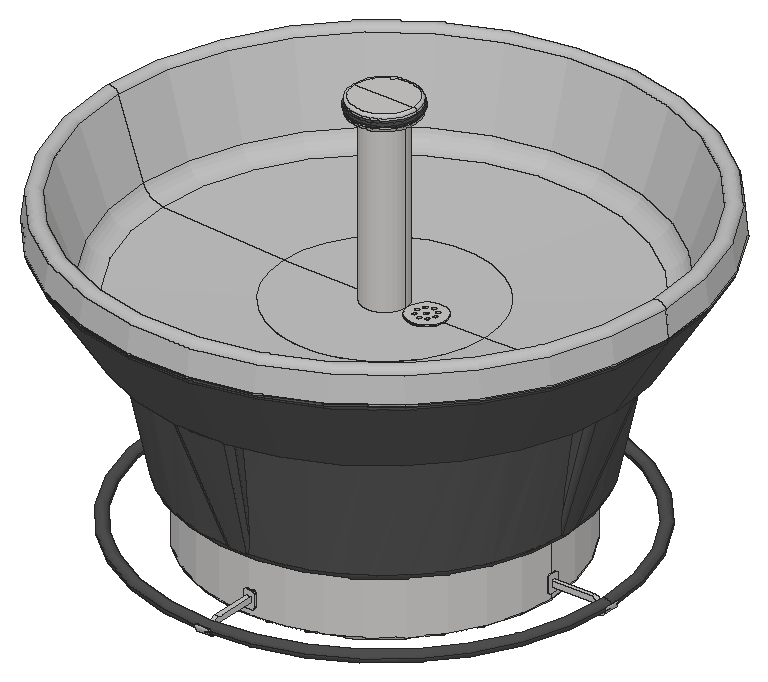
Revit family "Washfountain_Lavatory-Bradley_Corp-WF2808-Type_H_Drain", category Plumbing Fixtures, Revit 2012
Parameters
  Width = 54.000"
  Warranty Information = ""
  WFU = 0
  Voltage = 110 V
  Version = "2.0"
  Vent Radius = Vent / 2  # 3/4"
  Vent = 1 1/2"
  URL = "http://www.bradleycorp.com/"
  Towel Dispenser Holder [instance] = if((Soap Dispenser), 6.000", 15.000")  # 15.000"
  Towel Dispenser Height [instance] = if((Sensor Module), 55.750", 52.250")  # 52.250"
  TouchTime® Control [instance] = no
  Technical Data = ""
  Vent Height [instance] = if(and(Sensor Module, Soap Dispenser, Towel Dispenser), 72.063", if(and(Sensor Module, Soap Dispenser, No Towel Dispenser), 49.750", if(and(Sensor Module, No Soap Dispenser, No Towel Dispenser), 40.750", if(and(Sensor Module, No Soap Dispenser, Towel Dispenser), 72.063", if(and(No Sensor Module, No Soap Dispenser, No Towel Dispenser), 37.250", if(and(No Sensor Module, No Soap Dispenser, Towel Dispenser), 68.563", if(and(No Sensor Module, Soap Dispenser, Towel Dispenser), 68.563", 46.250")))))))  # 37.250"
  Spray Head Height = 37.250"
  Specifications URL = "http://www.bradleycorp.com/3partspec"
  Soap Dispenser Holder [instance] = 3.000"  # constant formula
  Soap Dispenser Height [instance] = if((Sensor Module), 49.750", 46.250")  # 46.250"
  Sensor Module Height = 40.750"
  Sensor Module [instance] = or(not(Foot Control Valve), TouchTime® Control, Air Valve Hand Control, Adaptive Infrared Activation Control)  # no
  Rim Height = 29.000"
  Product Tech Data URL - Spanish = ""
  Product Tech Data URL - French = ""
  Product Tech Data URL - English = "http://bradleycorp.com/download/1241/2015.pdf"
  Pedestal Material = Plastic - Bradley Corp - Black
  Pedestal Height = 26.000"
  Operating Water Pressure Range = "20 - 80 PSI"
  OmniClass Table 23 Title = "Sinks/Lavatories"
  OmniClass Table 23 Number = "23-31 13 00"
  OmniClass Table 21 Title = "Plumbing Fixtures"
  OmniClass Table 21 Number = "21-04 20 10 60"
  No Towel Dispenser [instance] = not(Towel Dispenser)  # yes
  No Soap Dispenser [instance] = not(Soap Dispenser)  # yes
  No Sensor Module [instance] = not(Sensor Module)  # yes
  Modeling Code = ""
  Model = "WF2808"
  Material Note = "Other Terrazzo colors available - See www.bradleycorp.com "
  MasterFormat Title = "Commercial Lavatories and Sinks"
  MasterFormat Number = "22 42 16"
  Manufacturer = "Bradley Corp"
  Industry Standards = "ANSI Z124.3, Z124.6 and ANSI/ICPA SS-1-2001"
  Hot Lavatory Inlet Radius = Hot Lavatory Inlet / 2  # 1/2"
  Hot Lavatory Inlet = 1"
  HWFU = 0
  Frequency = 50 Hz
  Foot Control Valve [instance] = not(or(TouchTime® Control, Air Valve Hand Control, Adaptive Infrared Activation Control))  # yes
  Flow Rate = 5.0 GPM
  Fire Rating = "n/a"
  Drain Radius = Drain / 2  # 1"
  Drain = 2"
  Description = "Washfountain, 54\" Circular with 9\" Deep Bowl"
  Copyright = "This Model Data is Property of Bradley Corporation"
  Cold Lavatory Inlet Radius = Cold Lavatory Inlet / 2  # 1/2"
  Cold Lavatory Inlet = 1"
  CWFU = 0
  Buy American Act = "No"
  Button Visibility [instance] = or(TouchTime® Control, Air Valve Hand Control)  # no
  Bowl Material [instance] = Stone - Bradley Corp - Carbon
  Assembly Code = "D2010300"
  Air Valve Hand Control [instance] = no
  Adaptive Infrared Activation Control [instance] = no
  ADA Compliant = "Yes"
  Soap Dispenser [instance] = no
  Towel Dispenser [instance] = no
Reference planes (in)
  plane 1 "Center (Front/Back)": y = 0
  plane 2: z = 0
  plane 3 "Center (Left/Right)": x = 0
  plane 4 "Left": x = -27
  plane 5 "Right": x = 27
  plane 6 "Front": y = -27
  plane 7 "Back": y = 27
  plane 8 "Towel Dispenser": z = 52.25
  plane 9 "Soap Dispenser": z = 46.25
  plane 10 "Sensor Module": z = 40.75
  plane 11 "Spray Head": z = 37.25
  plane 12 "Rim Height": z = 29
  plane 13: z = 40.25
  plane 14 "Pedestal Height": z = 26
Forms (in)
  Revolve 1, solid, material "Stone - Bradley Corp - Carbon" <- "Bowl Material", detail levels medium+fine
    sketch origin (-3, 0, 29) x (1, 0, 0) y (0, 0, 1)
      loop
        line (-19.00041, -10.88) -> (1, -10.88) -> (1, -8.99998) -> (-6.5, -8.99998) -> (-18.04504, -8.54806)
        arc (-18.04504, -8.54806) -> (-19.17262, -8.16768) -> (-19.88451, -7.2141) r 2
        line (-19.88451, -7.2141) -> (-22.2559, -0.49353)
        arc (-22.2559, -0.49353) -> (-23.0061, 0) -> (-23.6919, -0.5797) r 0.75
        line (-23.6919, -0.5797) -> (-24, -2.8881)
        arc (-24, -2.8881) -> (-23.97669, -2.96533) -> (-23.90322, -2.99865) r 0.09764
        line (-23.90322, -2.99865) -> (-23.7906, -2.99865) -> (-23.84579, -3.22848)
        arc (-23.84579, -3.22848) -> (-23.84847, -3.32773) -> (-23.81229, -3.42019) r 0.24994
        line (-23.81229, -3.42019) -> (-19.00041, -10.88)
      axis (3, -0.49353) -> (3, -10.88)
    angle from 0 to 360
  Revolve 2, solid, material "Stone - Bradley Corp - Carbon" <- "Bowl Material", detail levels coarse
    sketch origin (-3, 0, 29) x (1, 0, 0) y (0, 0, 1)
      loop
        line (-24, 0) -> (-24, -3) -> (-23.50943, -3) -> (-19.08564, -10.88) -> (1, -10.88) -> (1, -8.85798) -> (-6.5, -8.85798) -> (-19.43127, -8.4938) -> (-22.43959, 0) -> (-24, 0)
      axis (3, 0) -> (3, -10.88)
    angle from 0 to 360
  Revolve 3, solid, material "Metal - Bradley Corp - Stainless Steel - Polished", detail levels fine
    sketch origin (-3, 0, 37.25) x (1, 0, 0) y (0, 0, 1)
      loop
        arc (0.215, 0.00002) -> (0.03822, -0.0732) -> (-0.035, -0.24998) r 0.25
        line (-0.035, -0.24998) -> (-0.035, -0.44498)
        arc (-0.035, -0.44498) -> (-0.10129, -0.47244) -> (-0.12875, -0.53873) r 0.09375
        line (-0.12875, -0.53873) -> (-0.12875, -0.85123)
        arc (-0.12875, -0.85123) -> (-0.10129, -0.91752) -> (-0.035, -0.94498) r 0.09375
        line (-0.035, -0.94498) -> (-0.035, -1.13998)
        arc (-0.035, -1.13998) -> (0.03822, -1.31676) -> (0.215, -1.38998) r 0.25
        line (0.215, -1.38998) -> (1, -1.38998) -> (1, -18.991) -> (3, -18.991) -> (3, 0.00002) -> (0.215, 0.00002)
      axis (3, 0.00002) -> (3, -18.991)
    angle from 0 to 360
  Revolve 4, solid, material "Metal - Bradley Corp - Stainless Steel - Polished", detail levels coarse+medium
    sketch origin (-3, 0, 37.25) x (1, 0, 0) y (0, 0, 1)
      loop
        line (3, 0) -> (0.21498, 0) -> (-0.12875, -0.44498) -> (-0.12875, -0.94498) -> (0.215, -1.38998) -> (1, -1.38998) -> (1, -18.991) -> (3, -18.991) -> (3, 0)
      axis (3, 0) -> (3, -18.991)
    angle from 0 to 360
  Revolve 5, solid, material "Metal - Bradley Corp - Stainless Steel - Polished", visible <- "Soap Dispenser", detail levels fine
    sketch origin (-3, 0, 46.25) x (1, 0, 0) y (0, 0, 1)
      loop
        arc (-1.17907, 0) -> (-2.18101, -0.11803) -> (-3.1566, -0.375) r 7.19764
        line (-3.1566, -0.375) -> (-3.1566, -1) -> (-3.01376, -1) -> (-3.01376, -1.64327) -> (-2.98301, -1.64327) -> (-2.98301, -2.89327) -> (-2.93039, -2.89327) -> (-2.93039, -4.14327) -> (-2.87777, -4.14327) -> (-2.87777, -5.39327) -> (-2.81, -5.39327) -> (-2.81, -6) -> (3, -6) -> (3, 0) -> (-1.17907, 0)
      axis (3, 0) -> (3, -6)
    angle from 0 to 360
  Revolve 6, solid, material "Metal - Bradley Corp - Stainless Steel - Polished", visible <- "Soap Dispenser", detail levels coarse+medium
    sketch origin (-3, 0, 46.25) x (1, 0, 0) y (0, 0, 1)
      loop
        line (3, -1) -> (-3.1566, -1) -> (-2.81, -6) -> (3, -6) -> (3, -1)
      axis (3, -1) -> (3, -6)
    angle from 0 to 360
  Revolve 7, solid, material "Metal - Bradley Corp - Stainless Steel - Polished", visible <- "Sensor Module", detail levels fine
    sketch origin (-3, 0, 40.75) x (1, 0, 0) y (0, 0, 1)
      loop
        line (-1.49987, -0.56541) -> (-1.49987, -1.98683)
        arc (-1.49987, -1.98683) -> (-1.48063, -2.08301) -> (-1.42587, -2.16439) r 0.25
        line (-1.42587, -2.16439) -> (-0.82309, -2.76716)
        arc (-0.82309, -2.76716) -> (-0.74199, -2.82135) -> (-0.64632, -2.84038) r 0.25
        line (-0.64632, -2.84038) -> (1, -2.84038) -> (1, -3.5) -> (3, -3.5) -> (3, 0) -> (0.89718, 0)
        arc (0.89718, 0) -> (-0.28099, -0.0858) -> (-1.45612, -0.2063) r 40.06
        arc (-1.45612, -0.2063) -> (-1.54124, -0.251) -> (-1.57537, -0.34072) r 0.135
        line (-1.57537, -0.34072) -> (-1.57537, -0.56541) -> (-1.49987, -0.56541)
      axis (3, 0) -> (3, -3.5)
    angle from 0 to 360
  Revolve 8, solid, material "Metal - Bradley Corp - Stainless Steel - Polished", visible <- "Sensor Module", detail levels coarse+medium
    sketch origin (-3, 0, 40.75) x (1, 0, 0) y (0, 0, 1)
      loop
        line (-1.57537, -2.01488) -> (-0.75025, -2.84) -> (1, -2.84) -> (1, -3.5) -> (3, -3.5) -> (3, 0) -> (-1.57537, 0) -> (-1.57537, -2.01488)
      axis (3, 0) -> (3, -3.5)
    angle from 0 to 360
  Extrusion 9, solid, material "Metal - Bradley Corp - Stainless Steel - Polished", visible <- "Towel Dispenser"
    sketch origin (-5.60167, 3.20696, 52.25) x (0, 0, 1) y (0, 1, 0)
      loop
        line (0, 0) -> (15.313, 0) -> (14.62567, 4) -> (1.37502, 4) -> (0, 1.75) -> (0, 0)
    from -0.10167 to -11.10192
  Extrusion 10, solid, material "Metal - Bradley Corp - Stainless Steel - Polished", visible <- "Towel Dispenser"
    sketch origin (-0.06259, -6.38699, 52.25) x (0, 0, 1) y (-0.866025, -0.5, 0)
      loop
        line (0, 0) -> (15.313, 0) -> (14.62567, 4) -> (1.37502, 4) -> (0, 1.75) -> (0, 0)
    from 0 to -11
  Extrusion 11, solid, material "Metal - Bradley Corp - Stainless Steel - Polished", visible <- "Towel Dispenser"
    sketch origin (5.61356, 3.22741, 55.75) x (0, 0, 1) y (0.866038, -0.499977, 0)
      loop
        line (-3.5, 0) -> (11.813, 0) -> (11.12567, 4) -> (-2.12498, 4) -> (-3.5, 1.75) -> (-3.5, 0)
    from -0.10167 to -11.10192
  Extrusion 12, solid, material "Metal - Bradley Corp - Stainless Steel - Polished", visible <- "Towel Dispenser"
    sketch origin (0, 0, 52.25) x (-1, 0, 0) y (0, -1, 0)
      loop
        circle (0, 0) r 2
    from -15 to 16.313
  Extrusion 13, solid, material "Metal - Bradley Corp - Stainless Steel - Polished", visible <- "Soap Dispenser"
    sketch origin (0, 0, 46.25) x (-1, 0, 0) y (0, -1, 0)
      loop
        circle (0, 0) r 2
    from -6 to -9
  Extrusion 14, solid, material "Metal - Bradley Corp - Stainless Steel - Polished", visible <- "Towel Dispenser"
    sketch origin (0, 0, 52.25) x (-1, 0, 0) y (0, -1, 0)
      loop
        line (5.5, -3.20696) -> (5.56259, -3.13929) -> (0.06259, 6.38699) -> (-0.06295, 6.3871) -> (-5.56269, -3.13929) -> (-5.50026, -3.20696) -> (5.5, -3.20696)
      loop
        circle (0, 0) r 2
    from 14.62567 to 14.12567
  Extrusion 15, solid, material "Metal - Bradley Corp - Stainless Steel - Polished", visible <- "Towel Dispenser"
    sketch origin (0, 0, 52.25) x (-1, 0, 0) y (0, -1, 0)
      loop
        line (5.56259, -3.13929) -> (0.06259, 6.38699) -> (-0.06295, 6.3871) -> (-5.56269, -3.13929) -> (-5.50026, -3.20696) -> (5.5, -3.20696) -> (5.56259, -3.13929)
      loop
        circle (0, 0) r 2
    from 1.0786 to 1.5786
  Sweep 16, solid, material "Plastic - Bradley Corp - Black", visible <- "Foot Control Valve"
    path in 3D
      loop
        arc (-21, 0, 0) -> (0, -21, 0) -> (21, 0, 0) r 21
        arc (21, 0, 0) -> (0, 21, 0) -> (-21, 0, 0) r 21
    profile origin (0, 21, 0) x (0, -1, 0) y (0, 0, 1)
      loop
        circle (0, 1.425) r 0.5
  Extrusion 17, solid, material "Metal - Bradley Corp - Stainless Steel - Satin", visible <- "Foot Control Valve"
    sketch origin (0, 0, 0) x (1, 0, 0) y (0, 0, 1)
      loop
        arc (-21.48307, 1.55388) -> (-21.51847, 1.61509) -> (-21.57968, 1.57969) r 0.05
        arc (-21.57968, 1.57969) -> (-21.01372, 0.82503) -> (-20.41385, 1.55302) r 0.6
        arc (-20.41385, 1.55302) -> (-20.47337, 1.59119) -> (-20.51154, 1.53166) r 0.05
        arc (-20.51154, 1.53166) -> (-21.01143, 0.925) -> (-21.48307, 1.55388) r 0.5
      loop
        arc (21.48307, 1.55388) -> (21.01143, 0.925) -> (20.51154, 1.53166) r 0.5
        arc (20.51154, 1.53166) -> (20.47337, 1.59119) -> (20.41385, 1.55302) r 0.05
        arc (20.41385, 1.55302) -> (21.01372, 0.82503) -> (21.57968, 1.57969) r 0.6
        arc (21.57968, 1.57969) -> (21.51847, 1.61509) -> (21.48307, 1.55388) r 0.05
    from -0.67 to 0.67
  Extrusion 18, solid, material "Metal - Bradley Corp - Stainless Steel - Satin", visible <- "Foot Control Valve"
    sketch origin (0, 0, 0) x (0, 1, 0) y (0, 0, 1)
      loop
        arc (21.48307, 1.55401) -> (21.01143, 0.92513) -> (20.51154, 1.53179) r 0.5
        arc (20.51154, 1.53179) -> (20.47337, 1.59132) -> (20.41385, 1.55315) r 0.05
        arc (20.41385, 1.55315) -> (21.01372, 0.82516) -> (21.57968, 1.57982) r 0.6
        arc (21.57968, 1.57982) -> (21.51847, 1.61522) -> (21.48307, 1.55401) r 0.05
      loop
        arc (-21.48307, 1.55401) -> (-21.51847, 1.61522) -> (-21.57968, 1.57982) r 0.05
        arc (-21.57968, 1.57982) -> (-21.01372, 0.82516) -> (-20.41385, 1.55315) r 0.6
        arc (-20.41385, 1.55315) -> (-20.47337, 1.59132) -> (-20.51154, 1.53179) r 0.05
        arc (-20.51154, 1.53179) -> (-21.01143, 0.92513) -> (-21.48307, 1.55401) r 0.5
    from -0.67 to 0.67
  Extrusion 19, solid, material "Metal - Bradley Corp - Stainless Steel - Satin", visible <- "Foot Control Valve"
    sketch origin (0, 0, 0) x (1, 0, 0) y (0, 0, 1)
      loop
        line (-16.0446, 1.26725) -> (-16.0446, 1.76725) -> (-19.80661, 1.76725)
        arc (-19.80661, 1.76725) -> (-20.14911, 1.67556) -> (-20.4, 1.42503) r 0.68556
        arc (-20.4, 1.42503) -> (-20.57574, 1.00076) -> (-21, 0.82503) r 0.6
        arc (-21, 0.82503) -> (-20.42367, 0.87326) -> (-19.94786, 1.20202) r 1.12245
        arc (-19.94786, 1.20202) -> (-19.8844, 1.25015) -> (-19.80661, 1.26725) r 0.18556
        line (-19.80661, 1.26725) -> (-16.0446, 1.26725)
      loop
        line (16.04456, 1.26725) -> (19.80661, 1.26725)
        arc (19.80661, 1.26725) -> (19.8844, 1.25015) -> (19.94786, 1.20202) r 0.18556
        arc (19.94786, 1.20202) -> (20.42367, 0.87326) -> (21, 0.82503) r 1.12245
        arc (21, 0.82503) -> (20.57574, 1.00076) -> (20.4, 1.42503) r 0.6
        arc (20.4, 1.42503) -> (20.14911, 1.67556) -> (19.80661, 1.76725) r 0.68556
        line (19.80661, 1.76725) -> (16.04456, 1.76725) -> (16.04456, 1.26725)
    from -0.2 to 0.2
  Extrusion 20, solid, material "Metal - Bradley Corp - Stainless Steel - Satin", visible <- "Foot Control Valve"
    sketch origin (0, 0, 0) x (0, 1, 0) y (0, 0, 1)
      loop
        line (16.04286, 1.27219) -> (19.80754, 1.27219)
        arc (19.80754, 1.27219) -> (19.88533, 1.25509) -> (19.94879, 1.20696) r 0.18556
        arc (19.94879, 1.20696) -> (20.4246, 0.8782) -> (21.00093, 0.82997) r 1.12245
        arc (21.00093, 0.82997) -> (20.57666, 1.0057) -> (20.40093, 1.42997) r 0.6
        arc (20.40093, 1.42997) -> (20.15004, 1.6805) -> (19.80754, 1.77219) r 0.68556
        line (19.80754, 1.77219) -> (16.04286, 1.77219) -> (16.04286, 1.27219)
      loop
        line (-16.04458, 1.27219) -> (-16.04458, 1.77219) -> (-19.80754, 1.77219)
        arc (-19.80754, 1.77219) -> (-20.15004, 1.6805) -> (-20.40093, 1.42997) r 0.68556
        arc (-20.40093, 1.42997) -> (-20.57666, 1.0057) -> (-21.00093, 0.82997) r 0.6
        arc (-21.00093, 0.82997) -> (-20.4246, 0.8782) -> (-19.94879, 1.20696) r 1.12245
        arc (-19.94879, 1.20696) -> (-19.88533, 1.25509) -> (-19.80754, 1.27219) r 0.18556
        line (-19.80754, 1.27219) -> (-16.04458, 1.27219)
    from -0.19588 to 0.2
  Extrusion 21, solid, material "Metal - Bradley Corp - Stainless Steel - Satin", visible <- "Foot Control Valve"
    sketch origin (0, 0, 0) x (0, 1, 0) y (0, 0, 1)
      loop
        line (0.25501, 2.33461) -> (-0.24499, 2.33461)
        arc (-0.24499, 2.33461) -> (-0.42177, 2.26139) -> (-0.49499, 2.08461) r 0.25
        line (-0.49499, 2.08461) -> (-0.49499, 0.95961)
        arc (-0.49499, 0.95961) -> (-0.42177, 0.78284) -> (-0.24499, 0.70961) r 0.25
        line (-0.24499, 0.70961) -> (0.25501, 0.70961)
        arc (0.25501, 0.70961) -> (0.43178, 0.78284) -> (0.50501, 0.95961) r 0.25
        line (0.50501, 0.95961) -> (0.50501, 2.08461)
        arc (0.50501, 2.08461) -> (0.43178, 2.26139) -> (0.25501, 2.33461) r 0.25
      loop
        line (0.24214, 1.22802) -> (0.24214, 1.81621) -> (-0.23845, 1.81621) -> (-0.23845, 1.22802) -> (0.24214, 1.22802)
    from -16.0446 to -15.8946
  Extrusion 22, solid, material "Metal - Bradley Corp - Stainless Steel - Satin", visible <- "Foot Control Valve"
    sketch origin (0, 0, 0) x (0, 1, 0) y (0, 0, 1)
      loop
        arc (-0.25501, 2.33461) -> (-0.43178, 2.26139) -> (-0.50501, 2.08461) r 0.25
        line (-0.50501, 2.08461) -> (-0.50501, 0.95961)
        arc (-0.50501, 0.95961) -> (-0.43178, 0.78284) -> (-0.25501, 0.70961) r 0.25
        line (-0.25501, 0.70961) -> (0.24499, 0.70961)
        arc (0.24499, 0.70961) -> (0.42177, 0.78284) -> (0.49499, 0.95961) r 0.25
        line (0.49499, 0.95961) -> (0.49499, 2.08461)
        arc (0.49499, 2.08461) -> (0.42177, 2.26139) -> (0.24499, 2.33461) r 0.25
        line (0.24499, 2.33461) -> (-0.25501, 2.33461)
      loop
        line (-0.24214, 1.22802) -> (0.23845, 1.22802) -> (0.23845, 1.81621) -> (-0.24214, 1.81621) -> (-0.24214, 1.22802)
    from 15.89284 to 16.04456
  Extrusion 23, solid, material "Metal - Bradley Corp - Stainless Steel - Satin", visible <- "Foot Control Valve"
    sketch origin (0, 0, 0) x (1, 0, 0) y (0, 0, 1)
      loop
        arc (-0.25501, 2.33461) -> (-0.43178, 2.26139) -> (-0.50501, 2.08461) r 0.25
        line (-0.50501, 2.08461) -> (-0.50501, 0.95961)
        arc (-0.50501, 0.95961) -> (-0.43178, 0.78284) -> (-0.25501, 0.70961) r 0.25
        line (-0.25501, 0.70961) -> (0.24499, 0.70961)
        arc (0.24499, 0.70961) -> (0.42177, 0.78284) -> (0.49499, 0.95961) r 0.25
        line (0.49499, 0.95961) -> (0.49499, 2.08461)
        arc (0.49499, 2.08461) -> (0.42177, 2.26139) -> (0.24499, 2.33461) r 0.25
        line (0.24499, 2.33461) -> (-0.25501, 2.33461)
      loop
        line (-0.24214, 1.22802) -> (0.23845, 1.22802) -> (0.23845, 1.81621) -> (-0.24214, 1.81621) -> (-0.24214, 1.22802)
    from -16.04286 to -15.89458
  Extrusion 24, solid, material "Metal - Bradley Corp - Stainless Steel - Satin", visible <- "Foot Control Valve"
    sketch origin (0, 0, 0) x (1, 0, 0) y (0, 0, 1)
      loop
        line (0.25501, 2.33461) -> (-0.24499, 2.33461)
        arc (-0.24499, 2.33461) -> (-0.42177, 2.26139) -> (-0.49499, 2.08461) r 0.25
        line (-0.49499, 2.08461) -> (-0.49499, 0.95961)
        arc (-0.49499, 0.95961) -> (-0.42177, 0.78284) -> (-0.24499, 0.70961) r 0.25
        line (-0.24499, 0.70961) -> (0.25501, 0.70961)
        arc (0.25501, 0.70961) -> (0.43178, 0.78284) -> (0.50501, 0.95961) r 0.25
        line (0.50501, 0.95961) -> (0.50501, 2.08461)
        arc (0.50501, 2.08461) -> (0.43178, 2.26139) -> (0.25501, 2.33461) r 0.25
      loop
        line (0.24214, 1.22802) -> (0.24214, 1.81621) -> (-0.23845, 1.81621) -> (-0.23845, 1.22802) -> (0.24214, 1.22802)
    from 15.89458 to 16.04458
  Extrusion 25, void
    sketch origin (0, 0, 18.12) x (-1, 0, 0) y (0, -1, 0)
      loop
        circle (-4, 0) r 1.75
    from 0 to 10.88
  Extrusion 26, solid, material "Metal - Bradley Corp - Stainless Steel - Polished", detail levels medium+fine
    sketch origin (0, 0, 18.12) x (-1, 0, 0) y (0, -1, 0)
      loop
        circle (-4, 0) r 1.75
      loop
        circle (-4, 0) r 0.1842
      loop
        circle (-4, -0.87771) r 0.1842
      loop
        circle (-3.12229, 0) r 0.1842
      loop
        circle (-4, 0.87771) r 0.1842
      loop
        circle (-4.87771, 0) r 0.1842
      loop
        circle (-4.62063, -0.62063) r 0.1842
      loop
        circle (-3.37937, -0.62063) r 0.1842
      loop
        circle (-3.37937, 0.62063) r 0.1842
      loop
        circle (-4.62063, 0.62063) r 0.1842
    from 1.97531 to 2.02202
  Extrusion 27, solid, material "Default", not visible, detail levels medium+fine
    sketch origin (0, 0, 0) x (1, 0, 0) y (0, 1, 0)
      loop
        circle (-4, 0) r 1
      loop
        line (1, 5.5) -> (-1, 5.5) -> (-1, 4.5) -> (1, 4.5) -> (1, 5.5)
    from 0 to 3
  SweptBlend 28, solid, material "Plastic - Bradley Corp - Black" <- "Pedestal Material", detail levels medium+fine
    path in 3D
      loop
        line (-17.47033, -0.07207, 6.24986) -> (-22.00672, -0.07207, 18.12)
    profile origin (-17.47033, -0.07207, 6.24986) x (0, 1, 0) y (-0.934109, 0, -0.356987)
      loop
        arc (1.10677, -0.31109) -> (1.01994, -0.10145) -> (0.8103, -0.01461) r 0.29648
        arc (0.8103, -0.01461) -> (0, 0.02141) -> (-0.8103, -0.01461) r 9.13062
        arc (-0.8103, -0.01461) -> (-1.01994, -0.10145) -> (-1.10677, -0.31109) r 0.29648
        line (-1.10677, -0.31109) -> (-1.10677, -2.07277) -> (1.10677, -2.07277) -> (1.10677, -0.31109)
    end profile origin (-22.00672, -0.07207, 18.12) x (0, 1, 0) y (-0.934109, 0, -0.356987)
      loop
        spline (2.38834, -0.11493) -> (2.00339, -0.08006) -> (1.61784, -0.05152) -> (1.23182, -0.02931) -> (0.84544, -0.01344) -> (0.45881, -0.00392) -> (0.07207, -0.00074) -> (-0.31467, -0.00392) -> (-0.70129, -0.01344) -> (-1.08767, -0.02931) -> (-1.4737, -0.05152) -> (-1.85924, -0.08006) -> (-2.24419, -0.11493)
        arc (-2.24419, -0.11493) -> (-2.58078, -0.31531) -> (-2.71312, -0.684) r 0.57976
        line (-2.71312, -0.684) -> (-2.20765, -2.07277) -> (2.35179, -2.07277) -> (2.85726, -0.684)
        arc (2.85726, -0.684) -> (2.72493, -0.31531) -> (2.38834, -0.11493) r 0.57976
  Revolve 29, solid, material "Plastic - Bradley Corp - Black" <- "Pedestal Material", detail levels medium+fine
    sketch origin (0, 0, 0) x (1, 0, 0) y (0, 0, 1)
      loop
        arc (-17.49891, 6.32544) -> (-17.17129, 5.84995) -> (-16.62363, 5.66694) r 0.91095
        line (-16.62363, 5.66694) -> (0, 5.66694) -> (0, 18.12) -> (-20.00592, 18.12) -> (-17.49891, 6.32544)
      axis (0, 18.12) -> (0, 5.66694)
    angle from 0 to 360
  SweptBlend 30, solid, material "Plastic - Bradley Corp - Black" <- "Pedestal Material", detail levels medium+fine
    path in 3D
      loop
        line (0.07207, -17.47033, 6.24986) -> (0.07207, -22.00672, 18.12)
    profile origin (0.07207, -17.47033, 6.24986) x (-0.135177, 0.925536, 0.35371) y (-0.990822, -0.12627, -0.048256)
      loop
        arc (0.45784, 1.05456) -> (0.23839, 0.99686) -> (0.12401, 0.80089) r 0.29648
        arc (0.12401, 0.80089) -> (-0.02122, 0.00289) -> (-0.09506, -0.80484) r 9.13062
        arc (-0.09506, -0.80484) -> (-0.03736, -1.02429) -> (0.15862, -1.13867) r 0.29648
        line (0.15862, -1.13867) -> (1.90413, -1.3768) -> (2.20335, 0.81642) -> (0.45784, 1.05456)
    end profile origin (0.07207, -22.00672, 18.12) x (-0.135177, 0.925536, 0.35371) y (-0.990822, -0.12627, -0.048256)
      loop
        spline (0.43672, 2.35088) -> (0.35014, 1.97418) -> (0.26974, 1.59603) -> (0.19555, 1.21655) -> (0.1276, 0.83586) -> (0.0659, 0.45407) -> (0.01048, 0.07131) -> (-0.03866, -0.31231) -> (-0.08148, -0.69667) -> (-0.11799, -1.08165) -> (-0.14817, -1.46713) -> (-0.172, -1.853) -> (-0.18949, -2.23913)
        arc (-0.18949, -2.23913) -> (-0.03645, -2.59972) -> (0.31097, -2.78068) r 0.57976
        line (0.31097, -2.78068) -> (1.75532, -2.46757) -> (2.37165, 2.05002) -> (1.06395, 2.73858)
        arc (1.06395, 2.73858) -> (0.68076, 2.6573) -> (0.43672, 2.35088) r 0.57976
  SweptBlend 31, solid, material "Plastic - Bradley Corp - Black" <- "Pedestal Material", detail levels medium+fine
    path in 3D
      loop
        line (17.47033, 0.07207, 6.24986) -> (22.00672, 0.07207, 18.12)
    profile origin (17.47033, 0.07207, 6.24986) x (-0.12862, 0.990475, 0.049154) y (-0.925212, -0.137692, 0.353587)
      loop
        arc (-1.0534, 0.46052) -> (-0.99625, 0.24092) -> (-0.80057, 0.12604) r 0.29648
        arc (-0.80057, 0.12604) -> (-0.00295, -0.02121) -> (0.80459, -0.0971) r 9.13062
        arc (0.80459, -0.0971) -> (1.02419, -0.03996) -> (1.13907, 0.15573) r 0.29648
        line (1.13907, 0.15573) -> (1.38164, 1.90063) -> (-0.81083, 2.20542) -> (-1.0534, 0.46052)
    end profile origin (22.00672, 0.07207, 18.12) x (-0.12862, 0.990475, 0.049154) y (-0.925212, -0.137692, 0.353587)
      loop
        spline (-2.34977, 0.44269) -> (-1.97328, 0.35515) -> (-1.59534, 0.27379) -> (-1.21605, 0.19864) -> (-0.83553, 0.12972) -> (-0.4539, 0.06705) -> (-0.07128, 0.01066) -> (0.31221, -0.03945) -> (0.69646, -0.08325) -> (1.08135, -0.12074) -> (1.46675, -0.15189) -> (1.85256, -0.17671) -> (2.23864, -0.19518)
        arc (2.23864, -0.19518) -> (2.59962, -0.04305) -> (2.78146, 0.30391) r 0.57976
        line (2.78146, 0.30391) -> (2.47202, 1.74905) -> (-2.04399, 2.37685) -> (-2.73587, 1.0709)
        arc (-2.73587, 1.0709) -> (-2.65556, 0.6875) -> (-2.34977, 0.44269) r 0.57976
  SweptBlend 32, solid, material "Plastic - Bradley Corp - Black" <- "Pedestal Material", detail levels medium+fine
    path in 3D
      loop
        line (-0.07207, 17.47033, 6.24986) -> (-0.07207, 22.00672, 18.12)
    profile origin (-0.07207, 17.47033, 6.24986) x (-0.265556, 0.900571, -0.344169) y (-0.964096, -0.248058, 0.0948)
      loop
        arc (-0.59383, -0.98442) -> (-0.36865, -0.95638) -> (-0.22927, -0.77732) r 0.29648
        arc (-0.22927, -0.77732) -> (0.02065, -0.00569) -> (0.20109, 0.78508) r 9.13062
        arc (0.20109, 0.78508) -> (0.17305, 1.01026) -> (-0.00601, 1.14965) r 0.29648
        line (-0.00601, 1.14965) -> (-1.70444, 1.61747) -> (-2.29225, -0.5166) -> (-0.59383, -0.98442)
    end profile origin (-0.07207, 22.00672, 18.12) x (-0.265556, 0.900571, -0.344169) y (-0.964096, -0.248058, 0.0948)
      loop
        spline (-0.74504, -2.27207) -> (-0.6092, -1.9102) -> (-0.47929, -1.54607) -> (-0.35537, -1.17981) -> (-0.23747, -0.81151) -> (-0.12562, -0.4413) -> (-0.01985, -0.06929) -> (0.07979, 0.30441) -> (0.17327, 0.67968) -> (0.26058, 1.0564) -> (0.34168, 1.43446) -> (0.41655, 1.81375) -> (0.48516, 2.19414)
        arc (0.48516, 2.19414) -> (0.38136, 2.57185) -> (0.06105, 2.79734) r 0.57976
        line (0.06105, 2.79734) -> (-1.41209, 2.67882) -> (-2.62288, -1.71692) -> (-1.4182, -2.57304)
        arc (-1.4182, -2.57304) -> (-1.02761, -2.54336) -> (-0.74504, -2.27207) r 0.57976
  Revolve 33, solid, material "Metal - Bradley Corp - Stainless Steel - Satin"
    sketch origin (0, 0, 0) x (1, 0, 0) y (0, 0, 1)
      loop
        line (-15.89458, 5.66694) -> (-15.89458, 0.09391)
        arc (-15.89458, 0.09391) -> (-15.86599, 0.0274) -> (-15.799, 0) r 0.0956
        line (-15.799, 0) -> (0, 0) -> (0, 5.66694) -> (-15.89458, 5.66694)
      axis (0, 5.66694) -> (0, 0)
    angle from 0 to 360
  Revolve 34, solid, material "Plastic - Bradley Corp - Black" <- "Pedestal Material", detail levels coarse
    sketch origin (0, 0, 0) x (0, 1, 0) y (0, 0, 1)
      loop
        line (22.00592, 18.12) -> (0, 18.12) -> (0, 5.66694) -> (17.27314, 5.66694) -> (22.00592, 18.12)
      axis (0, 18.12) -> (0, 5.66694)
    angle from 0 to 360
  Extrusion 35, solid, material "Default", not visible, detail levels medium+fine
    sketch origin (0, 0, 0) x (1, 0, 0) y (0, 1, 0)
      loop
        circle (0, 0) r 0.75
    from 0 to 37.25
  Extrusion 36, solid, material "Default", not visible, detail levels medium+fine
    sketch origin (0, 0, 0) x (1, 0, 0) y (0, 1, 0)
      loop
        circle (-7.625, 2.5) r 0.5
      loop
        circle (7.625, 2.5) r 0.5
    from 0 to 2.5
  Revolve 37, solid, material "Plastic - Bradley Corp - Black", visible <- "Soap Dispenser", detail levels coarse+medium
    sketch origin (-3, 0, 46.25) x (1, 0, 0) y (0, 0, 1)
      loop
        line (-3.22592, 0) -> (-3.1566, -1) -> (3, -1) -> (3, 0) -> (-3.22592, 0)
      axis (3, 0) -> (3, -1)
    angle from 0 to 360
  Extrusion 38, solid, material "Metal - Bradley Corp - Stainless Steel - Polished", visible <- "Button Visibility"
    sketch origin (-3, 0, 40.75) x (1, 0, 0) y (0, 0, 1)
      loop
        circle (3, -1.3649) r 0.5
    from 4.57537 to 4.97537
  Extrusion 39, solid, material "Metal - Bradley Corp - Stainless Steel - Polished", visible <- "Button Visibility"
    sketch origin (-3, 0, 40.75) x (1, 0, 0) y (0, 0, 1)
      loop
        circle (3, -1.3649) r 0.5
    from -4.97537 to -4.57537
  Extrusion 40, solid, material "Metal - Bradley Corp - Stainless Steel - Polished", visible <- "Button Visibility", detail levels fine
    sketch origin (-3, 0, 40.75) x (1, 0, 0) y (0, 0, 1)
      loop
        circle (3, -1.3649) r 0.25
    from 4.49987 to 4.57537
  Extrusion 41, solid, material "Metal - Bradley Corp - Stainless Steel - Polished", visible <- "Button Visibility", detail levels fine
    sketch origin (-3, 0, 40.75) x (1, 0, 0) y (0, 0, 1)
      loop
        circle (3, -1.3649) r 0.25
    from -4.57537 to -4.49987
Cuts and joins
  Extrusion 25 cuts Revolve 2
  Extrusion 25 cuts Revolve 1
  joined: SweptBlend 28, Revolve 29, SweptBlend 30, SweptBlend 31, SweptBlend 32
Lines and regions (in)
  Masking region 1, detail levels coarse
    outline origin (-3, 0, 29) x (1, 0, 0) y (0, 0, 1)
      loop
        line (-24, 0) -> (-24, -3) -> (-23.5095, -3) -> (-19.08642, -10.88) -> (25.08642, -10.88) -> (29.5095, -3) -> (30, -3) -> (30, 0) -> (-24, 0)
  Masking region 2, detail levels medium+fine
    outline origin (-3, 0, 29) x (1, 0, 0) y (0, 0, 1)
      loop
        arc (-22.96118, 0.00001) -> (-23.42797, -0.16297) -> (-23.6919, -0.58104) r 0.75
        line (-23.6919, -0.58104) -> (-24, -2.88945)
        arc (-24, -2.88945) -> (-23.97669, -2.96667) -> (-23.90322, -3) r 0.09764
        line (-23.90322, -3) -> (-23.7906, -3) -> (-23.84579, -3.22983)
        arc (-23.84579, -3.22983) -> (-23.84847, -3.32908) -> (-23.81229, -3.42153) r 0.24994
        line (-23.81229, -3.42153) -> (-19.00128, -10.88) -> (25.00127, -10.88) -> (29.81229, -3.42153)
        arc (29.81229, -3.42153) -> (29.84847, -3.32907) -> (29.84579, -3.22982) r 0.24994
        line (29.84579, -3.22982) -> (29.7906, -2.99999) -> (29.90322, -2.99999)
        arc (29.90322, -2.99999) -> (29.97669, -2.96666) -> (30, -2.88944) r 0.09764
        line (30, -2.88944) -> (29.6919, -0.58104)
        arc (29.6919, -0.58104) -> (29.42797, -0.16296) -> (28.96118, 0.00001) r 0.75
        line (28.96118, 0.00001) -> (-22.96118, 0.00001)
  Masking region 3, detail levels coarse
    outline origin (0, 3, 29) x (0, -1, 0) y (0, 0, 1)
      loop
        line (-24, 0) -> (-24, -3) -> (-23.5095, -3) -> (-19.08642, -10.88) -> (25.08642, -10.88) -> (29.5095, -3) -> (30, -3) -> (30, 0) -> (-24, 0)
  Masking region 4, detail levels medium+fine
    outline origin (0, 3, 29) x (0, -1, 0) y (0, 0, 1)
      loop
        arc (-22.97735, -0.00017) -> (-23.43427, -0.16803) -> (-23.6919, -0.58104) r 0.75
        line (-23.6919, -0.58104) -> (-24, -2.88945)
        arc (-24, -2.88945) -> (-23.97669, -2.96667) -> (-23.90322, -3) r 0.09764
        line (-23.90322, -3) -> (-23.7906, -3) -> (-23.84579, -3.22983)
        arc (-23.84579, -3.22983) -> (-23.84847, -3.32908) -> (-23.81229, -3.42153) r 0.24994
        line (-23.81229, -3.42153) -> (-19.00128, -10.88) -> (25.00128, -10.88) -> (29.81229, -3.42153)
        arc (29.81229, -3.42153) -> (29.84847, -3.32908) -> (29.84579, -3.22983) r 0.24994
        line (29.84579, -3.22983) -> (29.7906, -3) -> (29.90322, -3)
        arc (29.90322, -3) -> (29.97669, -2.96667) -> (30, -2.88945) r 0.09764
        line (30, -2.88945) -> (29.6919, -0.58104)
        arc (29.6919, -0.58104) -> (29.43427, -0.16803) -> (28.97735, -0.00017) r 0.75
        line (28.97735, -0.00017) -> (-22.97735, -0.00017)
  Masking region 5, visible <- "Soap Dispenser", detail levels coarse+medium
    outline origin (-3, 0, 46.25) x (1, 0, 0) y (0, 0, 1)
      loop
        line (-3.22592, 0) -> (-2.81, -6) -> (8.81, -6) -> (9.22592, 0) -> (-3.22592, 0)
  Masking region 6, visible <- "Soap Dispenser", detail levels fine
    outline origin (-3, 0, 46.25) x (1, 0, 0) y (0, 0, 1)
      loop
        arc (-1.17907, 0) -> (-2.18101, -0.11803) -> (-3.1566, -0.375) r 7.19764
        line (-3.1566, -0.375) -> (-3.1566, -1) -> (-3.01376, -1) -> (-3.01376, -1.64327) -> (-2.98301, -1.64327) -> (-2.98301, -2.89327) -> (-2.93039, -2.89327) -> (-2.93039, -4.14327) -> (-2.87777, -4.14327) -> (-2.87777, -5.39327) -> (-2.81, -5.39327) -> (-2.81, -6) -> (8.81, -6) -> (8.81, -5.39327) -> (8.87777, -5.39327) -> (8.87777, -4.14327) -> (8.93039, -4.14327) -> (8.93039, -2.89327) -> (8.98301, -2.89327) -> (8.98301, -1.64327) -> (9.01376, -1.64327) -> (9.01376, -1) -> (9.1566, -1) -> (9.1566, -0.375)
        arc (9.1566, -0.375) -> (8.18101, -0.11803) -> (7.17907, 0) r 7.19764
        line (7.17907, 0) -> (-1.17907, 0)
  Masking region 7, visible <- "Soap Dispenser", detail levels coarse+medium
    outline origin (0, 3, 46.25) x (0, -1, 0) y (0, 0, 1)
      loop
        line (-3.22592, 0) -> (-2.81, -6) -> (8.81, -6) -> (9.22592, 0) -> (-3.22592, 0)
  Masking region 8, visible <- "Soap Dispenser", detail levels fine
    outline origin (0, 3, 46.25) x (0, -1, 0) y (0, 0, 1)
      loop
        arc (-1.17907, 0) -> (-2.18101, -0.11803) -> (-3.1566, -0.375) r 7.19764
        line (-3.1566, -0.375) -> (-3.1566, -1) -> (-3.01376, -1) -> (-3.01376, -1.64327) -> (-2.98301, -1.64327) -> (-2.98301, -2.89327) -> (-2.93039, -2.89327) -> (-2.93039, -4.14327) -> (-2.87777, -4.14327) -> (-2.87777, -5.39327) -> (-2.81, -5.39327) -> (-2.81, -6) -> (8.81, -6) -> (8.81, -5.39327) -> (8.87777, -5.39327) -> (8.87777, -4.14327) -> (8.93039, -4.14327) -> (8.93039, -2.89327) -> (8.98301, -2.89327) -> (8.98301, -1.64327) -> (9.01376, -1.64327) -> (9.01376, -1) -> (9.1566, -1) -> (9.1566, -0.375)
        arc (9.1566, -0.375) -> (8.18101, -0.11803) -> (7.17907, 0) r 7.19764
        line (7.17907, 0) -> (-1.17907, 0)
  Masking region 9, detail levels coarse+medium
    outline origin (-3, 0, 37.25) x (1, 0, 0) y (0, 0, 1)
      loop
        line (0.21498, 0) -> (-0.12875, -0.44498) -> (-0.12875, -0.94498) -> (0.215, -1.38998) -> (1, -1.38998) -> (1, -8.25) -> (5, -8.25) -> (5, -1.38998) -> (5.785, -1.38998) -> (6.12875, -0.94498) -> (6.12875, -0.44498) -> (5.78502, 0) -> (0.21498, 0)
  Masking region 10, detail levels fine
    outline origin (-3, 0, 37.25) x (1, 0, 0) y (0, 0, 1)
      loop
        arc (0.215, 0.00002) -> (0.03822, -0.0732) -> (-0.035, -0.24998) r 0.25
        line (-0.035, -0.24998) -> (-0.035, -0.44498)
        arc (-0.035, -0.44498) -> (-0.10129, -0.47244) -> (-0.12875, -0.53873) r 0.09375
        line (-0.12875, -0.53873) -> (-0.12875, -0.85123)
        arc (-0.12875, -0.85123) -> (-0.10129, -0.91752) -> (-0.035, -0.94498) r 0.09375
        line (-0.035, -0.94498) -> (-0.035, -1.13998)
        arc (-0.035, -1.13998) -> (0.03822, -1.31676) -> (0.215, -1.38998) r 0.25
        line (0.215, -1.38998) -> (1, -1.38998) -> (1, -8.25) -> (5, -8.25) -> (5, -1.38998) -> (5.785, -1.38998)
        arc (5.785, -1.38998) -> (5.96178, -1.31676) -> (6.035, -1.13998) r 0.25
        line (6.035, -1.13998) -> (6.035, -0.94498)
        arc (6.035, -0.94498) -> (6.10129, -0.91752) -> (6.12875, -0.85123) r 0.09375
        line (6.12875, -0.85123) -> (6.12875, -0.53873)
        arc (6.12875, -0.53873) -> (6.10129, -0.47244) -> (6.035, -0.44498) r 0.09375
        line (6.035, -0.44498) -> (6.035, -0.24998)
        arc (6.035, -0.24998) -> (5.96178, -0.0732) -> (5.785, 0.00002) r 0.25
        line (5.785, 0.00002) -> (0.215, 0.00002)
  Masking region 11, detail levels coarse+medium
    outline origin (0, 3, 37.25) x (0, -1, 0) y (0, 0, 1)
      loop
        line (-0.12875, -0.44498) -> (-0.12875, -0.94498) -> (0.215, -1.38998) -> (1, -1.38998) -> (1, -8.25) -> (5, -8.25) -> (5, -1.38998) -> (5.785, -1.38998) -> (6.12875, -0.94498) -> (6.12875, -0.44498) -> (5.78502, 0) -> (0.21498, 0) -> (-0.12875, -0.44498)
  Masking region 12, detail levels fine
    outline origin (0, 3, 37.25) x (0, -1, 0) y (0, 0, 1)
      loop
        arc (0.215, 0.00002) -> (0.03822, -0.0732) -> (-0.035, -0.24998) r 0.25
        line (-0.035, -0.24998) -> (-0.035, -0.44498)
        arc (-0.035, -0.44498) -> (-0.10129, -0.47244) -> (-0.12875, -0.53873) r 0.09375
        line (-0.12875, -0.53873) -> (-0.12875, -0.85123)
        arc (-0.12875, -0.85123) -> (-0.10129, -0.91752) -> (-0.035, -0.94498) r 0.09375
        line (-0.035, -0.94498) -> (-0.035, -1.13998)
        arc (-0.035, -1.13998) -> (0.03822, -1.31676) -> (0.215, -1.38998) r 0.25
        line (0.215, -1.38998) -> (1, -1.38998) -> (1, -8.25) -> (5, -8.25) -> (5, -1.38998) -> (5.785, -1.38998)
        arc (5.785, -1.38998) -> (5.96178, -1.31676) -> (6.035, -1.13998) r 0.25
        line (6.035, -1.13998) -> (6.035, -0.94498)
        arc (6.035, -0.94498) -> (6.10129, -0.91752) -> (6.12875, -0.85123) r 0.09375
        line (6.12875, -0.85123) -> (6.12875, -0.53873)
        arc (6.12875, -0.53873) -> (6.10129, -0.47244) -> (6.035, -0.44498) r 0.09375
        line (6.035, -0.44498) -> (6.035, -0.24998)
        arc (6.035, -0.24998) -> (5.96178, -0.0732) -> (5.785, 0.00002) r 0.25
        line (5.785, 0.00002) -> (0.215, 0.00002)
  Masking region 13, visible <- "Sensor Module", detail levels coarse+medium
    outline origin (-3, 0, 40.75) x (1, 0, 0) y (0, 0, 1)
      loop
        line (-1.5755, 0) -> (-1.5755, -2.01488) -> (-0.75, -2.84038) -> (1, -2.84038) -> (1, -3.5) -> (5, -3.5) -> (5, -2.84) -> (6.75025, -2.84) -> (7.57537, -2.01488) -> (7.57537, 0) -> (-1.5755, 0)
  Masking region 14, visible <- "Sensor Module", detail levels fine
    outline origin (-3, 0, 40.75) x (1, 0, 0) y (0, 0, 1)
      loop
        line (-1.49987, -0.56541) -> (-1.49987, -1.98683)
        arc (-1.49987, -1.98683) -> (-1.48063, -2.08301) -> (-1.42587, -2.16439) r 0.25
        line (-1.42587, -2.16439) -> (-0.82309, -2.76716)
        arc (-0.82309, -2.76716) -> (-0.74199, -2.82135) -> (-0.64632, -2.84038) r 0.25
        line (-0.64632, -2.84038) -> (1, -2.84038) -> (1, -3.5) -> (5, -3.5) -> (5, -2.84038) -> (6.64632, -2.84038)
        arc (6.64632, -2.84038) -> (6.74199, -2.82135) -> (6.82309, -2.76716) r 0.25
        line (6.82309, -2.76716) -> (7.42587, -2.16439)
        arc (7.42587, -2.16439) -> (7.48063, -2.08301) -> (7.49987, -1.98683) r 0.25
        line (7.49987, -1.98683) -> (7.49987, -0.56541) -> (7.57537, -0.56541) -> (7.57537, -0.34072)
        arc (7.57537, -0.34072) -> (7.54124, -0.251) -> (7.45612, -0.20664) r 0.135
        arc (7.45612, -0.20664) -> (6.28099, -0.0858) -> (5.10282, 0) r 40.06
        line (5.10282, 0) -> (0.89718, 0)
        arc (0.89718, 0) -> (-0.28099, -0.0858) -> (-1.45612, -0.2063) r 40.06
        arc (-1.45612, -0.2063) -> (-1.54124, -0.251) -> (-1.57537, -0.34072) r 0.135
        line (-1.57537, -0.34072) -> (-1.57537, -0.56541) -> (-1.49987, -0.56541)
  Masking region 15, visible <- "Sensor Module", detail levels coarse+medium
    outline origin (0, 3, 40.75) x (0, -1, 0) y (0, 0, 1)
      loop
        line (-1.57537, 0) -> (-1.57537, -2.01488) -> (-0.74987, -2.84038) -> (1, -2.84038) -> (1, -3.5) -> (5, -3.5) -> (5, -2.84) -> (6.75025, -2.84) -> (7.57537, -2.01488) -> (7.57537, 0) -> (-1.57537, 0)
  Masking region 16, visible <- "Sensor Module", detail levels fine
    outline origin (0, 3, 40.75) x (0, -1, 0) y (0, 0, 1)
      loop
        line (-1.49987, -0.56541) -> (-1.49987, -1.98683)
        arc (-1.49987, -1.98683) -> (-1.48063, -2.08301) -> (-1.42587, -2.16439) r 0.25
        line (-1.42587, -2.16439) -> (-0.82309, -2.76716)
        arc (-0.82309, -2.76716) -> (-0.74199, -2.82135) -> (-0.64632, -2.84038) r 0.25
        line (-0.64632, -2.84038) -> (1, -2.84038) -> (1, -3.5) -> (5, -3.5) -> (5, -2.84038) -> (6.64632, -2.84038)
        arc (6.64632, -2.84038) -> (6.74199, -2.82135) -> (6.82309, -2.76716) r 0.25
        line (6.82309, -2.76716) -> (7.42587, -2.16439)
        arc (7.42587, -2.16439) -> (7.48063, -2.08301) -> (7.49987, -1.98683) r 0.25
        line (7.49987, -1.98683) -> (7.49987, -0.56541) -> (7.57537, -0.56541) -> (7.57537, -0.34072)
        arc (7.57537, -0.34072) -> (7.54124, -0.251) -> (7.45612, -0.20664) r 0.135
        arc (7.45612, -0.20664) -> (6.28099, -0.0858) -> (5.10282, 0) r 40.06
        line (5.10282, 0) -> (0.89718, 0)
        arc (0.89718, 0) -> (-0.28099, -0.0858) -> (-1.45612, -0.2063) r 40.06
        arc (-1.45612, -0.2063) -> (-1.54124, -0.251) -> (-1.57537, -0.34072) r 0.135
        line (-1.57537, -0.34072) -> (-1.57537, -0.56541) -> (-1.49987, -0.56541)
  Masking region 17
    outline origin (0, 0, 29) x (-1, 0, 0) y (0, -1, 0)
      loop
        circle (0, 0) r 27
  Masking region 18, visible <- "Soap Dispenser"
    outline origin (0, 0, 46.25) x (-1, 0, 0) y (0, -1, 0)
      loop
        circle (0, 0) r 6.22592
  Masking region 19, visible <- "Sensor Module"
    outline origin (0, 0, 40.75) x (-1, 0, 0) y (0, -1, 0)
      loop
        circle (0, 0) r 4.57537
  Masking region 20
    outline origin (0, 0, 37.25) x (-1, 0, 0) y (0, -1, 0)
      loop
        circle (0, 0) r 3.12875
  Masking region 21, visible <- "Towel Dispenser"
    outline origin (0, 0, 52.25) x (-1, 0, 0) y (0, -1, 0)
      loop
        line (9.0267, -1.13929) -> (3.5267, 8.38699) -> (0.06259, 6.38699) -> (-0.06279, 6.3871) -> (-3.52689, 8.3871) -> (-9.02689, -1.13918) -> (-5.56279, -3.13918) -> (-5.50026, -3.20696) -> (-5.50026, -7.20696) -> (5.5, -7.20696) -> (5.5, -3.20696) -> (5.56259, -3.13929) -> (9.0267, -1.13929)
      loop
        circle (0, 0) r 2
  Split face 1
    outline origin (-5.60167, 4.95696, 52.25) x (0, 0.853278, 0.521456) y (1, 0, 0)
      loop
        arc (2.06845, 9.60192) -> (1.31845, 10.35192) -> (0.56845, 9.60192) r 0.75
        line (0.56845, 9.60192) -> (0.56845, 1.60167)
        arc (0.56845, 1.60167) -> (1.31845, 0.85167) -> (2.06845, 1.60167) r 0.75
        line (2.06845, 1.60167) -> (2.06845, 9.60192)
  Split face 2
    outline origin (-1.57814, -7.26199, 52.25) x (-0.73896, -0.426639, 0.521456) y (-0.5, 0.866025, 0)
      loop
        arc (2.06845, 9.70359) -> (1.31845, 10.45359) -> (0.56845, 9.70359) r 0.75
        line (0.56845, 9.70359) -> (0.56845, 1.70359)
        arc (0.56845, 1.70359) -> (1.31845, 0.95359) -> (2.06845, 1.70359) r 0.75
        line (2.06845, 1.70359) -> (2.06845, 9.70359)
  Split face 3
    outline origin (7.12913, 2.35245, 52.25) x (0.738971, -0.42662, 0.521456) y (-0.499977, -0.866038, 0)
      loop
        arc (2.06851, 9.60192) -> (1.31851, 10.35192) -> (0.56851, 9.60192) r 0.75
        line (0.56851, 9.60192) -> (0.56851, 1.60167)
        arc (0.56851, 1.60167) -> (1.31851, 0.85167) -> (2.06851, 1.60167) r 0.75
        line (2.06851, 1.60167) -> (2.06851, 9.60192)
  Masking region 22, visible <- "Towel Dispenser"
    outline origin (-3, 0, 52.25) x (1, 0, 0) y (0, 0, 1)
      loop
        line (-6.02676, 14.62567) -> (-6.02676, 1.37502) -> (-4.0782, 0) -> (1, 0) -> (1, -15) -> (5, -15) -> (5, 0) -> (10.0783, 0) -> (12.02688, 1.37502) -> (12.02688, 14.62567) -> (8.56273, 15.313) -> (5, 15.313) -> (5, 16.313) -> (1, 16.313) -> (1, 15.313) -> (-2.56266, 15.313) -> (-6.02676, 14.62567)
  Masking region 23, visible <- "Towel Dispenser"
    outline origin (0, 3, 52.25) x (0, -1, 0) y (0, 0, 1)
      loop
        line (-4.20696, 14.62567) -> (-4.20696, 1.37502) -> (-1.95696, 0) -> (10.2621, 0) -> (11.3871, 1.37502) -> (11.3871, 14.62567) -> (9.3871, 15.313) -> (5, 15.313) -> (5, 16.313) -> (1, 16.313) -> (1, 15.313) -> (-0.20696, 15.313) -> (-4.20696, 14.62567)
  Masking region 24, visible <- "Soap Dispenser"
    outline origin (-3, 0, 40.75) x (1, 0, 0) y (0, 0, 1)
      loop
        line (1, -0.5) -> (1, -3.5) -> (5, -3.5) -> (5, -0.5) -> (1, -0.5)
  Masking region 25, visible <- "Soap Dispenser"
    outline origin (5.60192, 3.20696, 52.25) x (0, 0, 1) y (0, -1, 0)
      loop
        line (-12, 1.20696) -> (-12, 5.20696) -> (-15, 5.20696) -> (-15, 1.20696) -> (-12, 1.20696)
  Masking region 26, visible <- "Foot Control Valve", detail levels fine
    outline origin (0, 0, 0) x (1, 0, 0) y (0, 0, 1)
      loop
        arc (-21, 1.925) -> (-21.30389, 1.82205) -> (-21.48264, 1.55559) r 0.5
        arc (-21.48264, 1.55559) -> (-21.51933, 1.61531) -> (-21.57968, 1.57969) r 0.05
        arc (-21.57968, 1.57969) -> (-21.4756, 1.05907) -> (-20.99912, 0.82487) r 0.6
        arc (-20.99912, 0.82487) -> (-20.64265, 0.81889) -> (-20.30228, 0.925) r 1.12245
        line (-20.30228, 0.925) -> (-0.67, 0.925) -> (-0.67, 0.825) -> (-0.46567, 0.825)
        arc (-0.46567, 0.825) -> (-0.3751, 0.74035) -> (-0.25501, 0.70961) r 0.25
        line (-0.25501, 0.70961) -> (0.25501, 0.70961)
        arc (0.25501, 0.70961) -> (0.3751, 0.74035) -> (0.46567, 0.825) r 0.25
        line (0.46567, 0.825) -> (0.67, 0.825) -> (0.67, 0.925) -> (20.30228, 0.925)
        arc (20.30228, 0.925) -> (20.64265, 0.81889) -> (20.99912, 0.82487) r 1.12245
        arc (20.99912, 0.82487) -> (21.4756, 1.05907) -> (21.57968, 1.57969) r 0.6
        arc (21.57968, 1.57969) -> (21.51933, 1.61531) -> (21.48264, 1.55559) r 0.05
        arc (21.48264, 1.55559) -> (21.30389, 1.82205) -> (21, 1.925) r 0.5
        line (21, 1.925) -> (0.50501, 1.925) -> (0.50501, 2.08461)
        arc (0.50501, 2.08461) -> (0.43178, 2.26139) -> (0.25501, 2.33461) r 0.25
        line (0.25501, 2.33461) -> (-0.25501, 2.33461)
        arc (-0.25501, 2.33461) -> (-0.43178, 2.26139) -> (-0.50501, 2.08461) r 0.25
        line (-0.50501, 2.08461) -> (-0.50501, 1.925) -> (-21, 1.925)
  Masking region 27, visible <- "Foot Control Valve", detail levels fine
    outline origin (0, -0.0015, -0.00157) x (0, 1, 0) y (0, 0, 1)
      loop
        line (21.0015, 1.92644) -> (0.5065, 1.92644) -> (0.5065, 2.08605)
        arc (0.5065, 2.08605) -> (0.43328, 2.26283) -> (0.2565, 2.33605) r 0.25
        line (0.2565, 2.33605) -> (-0.25351, 2.33605)
        arc (-0.25351, 2.33605) -> (-0.43029, 2.26283) -> (-0.50351, 2.08605) r 0.25
        line (-0.50351, 2.08605) -> (-0.50351, 1.92644) -> (-20.9985, 1.92644)
        arc (-20.9985, 1.92644) -> (-21.3024, 1.82348) -> (-21.48115, 1.55703) r 0.5
        arc (-21.48115, 1.55703) -> (-21.51783, 1.61675) -> (-21.57818, 1.58112) r 0.05
        arc (-21.57818, 1.58112) -> (-21.4741, 1.06051) -> (-20.99763, 0.82631) r 0.6
        arc (-20.99763, 0.82631) -> (-20.64115, 0.82032) -> (-20.30078, 0.92644) r 1.12245
        line (-20.30078, 0.92644) -> (-0.6685, 0.92644) -> (-0.6685, 0.82644) -> (-0.46417, 0.82644)
        arc (-0.46417, 0.82644) -> (-0.37361, 0.74179) -> (-0.25351, 0.71105) r 0.25
        line (-0.25351, 0.71105) -> (0.2565, 0.71105)
        arc (0.2565, 0.71105) -> (0.3766, 0.74179) -> (0.46717, 0.82644) r 0.25
        line (0.46717, 0.82644) -> (0.6715, 0.82644) -> (0.6715, 0.92644) -> (20.30377, 0.92644)
        arc (20.30377, 0.92644) -> (20.64415, 0.82032) -> (21.00062, 0.82631) r 1.12245
        arc (21.00062, 0.82631) -> (21.47709, 1.06051) -> (21.58118, 1.58112) r 0.6
        arc (21.58118, 1.58112) -> (21.52083, 1.61675) -> (21.48414, 1.55703) r 0.05
        arc (21.48414, 1.55703) -> (21.30539, 1.82348) -> (21.0015, 1.92644) r 0.5
  Masking region 28, visible <- "Foot Control Valve", detail levels coarse+medium
    outline origin (0, 0, 0) x (1, 0, 0) y (0, 0, 1)
      loop
        line (21, 1.925) -> (-21, 1.925)
        arc (-21, 1.925) -> (-21.5, 1.425) -> (-21, 0.925) r 0.5
        line (-21, 0.925) -> (21, 0.925)
        arc (21, 0.925) -> (21.5, 1.425) -> (21, 1.925) r 0.5
  Masking region 29, visible <- "Foot Control Valve", detail levels coarse+medium
    outline origin (0, 0, 0) x (0, 1, 0) y (0, 0, 1)
      loop
        line (21, 1.92487) -> (-21, 1.92487)
        arc (-21, 1.92487) -> (-21.5, 1.42487) -> (-21, 0.92487) r 0.5
        line (-21, 0.92487) -> (21, 0.92487)
        arc (21, 0.92487) -> (21.5, 1.42487) -> (21, 1.92487) r 0.5
  Masking region 30, visible <- "Towel Dispenser"
    outline origin (0, 0, 0) x (0, 1, 0) y (0, 0, 1)
      loop
        line (2, 52.25) -> (-2, 52.25) -> (-2, 37.25) -> (2, 37.25) -> (2, 52.25)
  Masking region 31
    outline origin (0, 0, 0) x (1, 0, 0) y (0, 0, 1)
      loop
        line (-22.00672, 18.12) -> (-17.47033, 6.24986)
        arc (-17.47033, 6.24986) -> (-17.14999, 5.82733) -> (-16.6446, 5.6669) r 0.87628
        line (-16.6446, 5.6669) -> (-15.8946, 5.6669) -> (-15.8946, 0.0956)
        arc (-15.8946, 0.0956) -> (-15.8666, 0.028) -> (-15.799, 0) r 0.0956
        line (-15.799, 0) -> (15.79896, 0)
        arc (15.79896, 0) -> (15.86656, 0.028) -> (15.89456, 0.0956) r 0.0956
        line (15.89456, 0.0956) -> (15.89456, 5.6669) -> (16.6875, 5.6669)
        arc (16.6875, 5.6669) -> (17.17626, 5.82859) -> (17.47217, 6.24986) r 0.81957
        line (17.47217, 6.24986) -> (22.00672, 18.12) -> (-22.00672, 18.12)
  Masking region 32, visible <- "Foot Control Valve", detail levels fine
    outline origin (0, 0, 0) x (1, 0, 0) y (0, 0, 1)
      loop
        line (-15.8946, 4.64199) -> (-15.8946, 5.34549)
        arc (-15.8946, 5.34549) -> (-16.14805, 4.99374) -> (-15.8946, 4.64199) r 0.37081
      loop
        arc (15.8946, 4.64199) -> (16.14805, 4.99374) -> (15.8946, 5.34549) r 0.37081
        line (15.8946, 5.34549) -> (15.8946, 4.64199)
      loop
        line (-16.0446, 2.33461) -> (-16.0446, 1.925) -> (-15.8946, 1.925) -> (-15.8946, 2.33461) -> (-16.0446, 2.33461)
      loop
        line (-16.0446, 0.70961) -> (-15.8946, 0.70961) -> (-15.8946, 0.925) -> (-16.0446, 0.925) -> (-16.0446, 0.70961)
      loop
        line (16.04456, 1.925) -> (16.04456, 2.33477) -> (15.89456, 2.33477) -> (15.89456, 1.925) -> (16.04456, 1.925)
      loop
        line (16.04456, 0.70961) -> (16.04456, 0.925) -> (15.89456, 0.925) -> (15.89456, 0.70961) -> (16.04456, 0.70961)
  Masking region 33
    outline origin (0, 0, 0) x (0, 1, 0) y (0, 0, 1)
      loop
        line (22.00498, 18.12004) -> (-22.00846, 18.12004) -> (-17.47391, 6.24991)
        arc (-17.47391, 6.24991) -> (-17.178, 5.82863) -> (-16.68924, 5.66694) r 0.81957
        line (-16.68924, 5.66694) -> (-15.89458, 5.66694) -> (-15.89458, 0.09564)
        arc (-15.89458, 0.09564) -> (-15.86658, 0.02804) -> (-15.79898, 0.00004) r 0.0956
        line (-15.79898, 0.00004) -> (15.79898, 0.00004)
        arc (15.79898, 0.00004) -> (15.86658, 0.02804) -> (15.89458, 0.09564) r 0.0956
        line (15.89458, 0.09564) -> (15.89458, 5.66694) -> (16.64286, 5.66694)
        arc (16.64286, 5.66694) -> (17.14825, 5.82737) -> (17.46859, 6.24991) r 0.87628
        line (17.46859, 6.24991) -> (22.00498, 18.12004)
  Masking region 34, detail levels fine
    outline origin (0, 0, 0) x (0, 1, 0) y (0, 0, 1)
      loop
        line (15.89286, 5.34549) -> (15.89286, 4.64199)
        arc (15.89286, 4.64199) -> (16.09706, 4.99374) -> (15.89286, 5.34549) r 0.40506
      loop
        arc (-15.89458, 5.34549) -> (-16.09878, 4.99374) -> (-15.89458, 4.64199) r 0.40506
        line (-15.89458, 4.64199) -> (-15.89458, 5.34549)
  Masking region 35, visible <- "Foot Control Valve", detail levels fine
    outline origin (0, 0, 0) x (0, 1, 0) y (0, 0, 1)
      loop
        line (16.04286, 2.33461) -> (15.89458, 2.33461) -> (15.89458, 1.92487) -> (16.04286, 1.92487) -> (16.04286, 2.33461)
      loop
        line (16.04286, 0.70961) -> (16.04286, 0.92487) -> (15.89458, 0.92487) -> (15.89458, 0.70961) -> (16.04286, 0.70961)
      loop
        line (-16.04458, 2.33461) -> (-16.04458, 1.92487) -> (-15.89458, 1.92487) -> (-15.89458, 2.33461) -> (-16.04458, 2.33461)
      loop
        line (-16.04458, 0.70961) -> (-15.89458, 0.70961) -> (-15.89458, 0.92487) -> (-16.04458, 0.92487) -> (-16.04458, 0.70961)
  Masking region 36, visible <- "Button Visibility"
    outline origin (0, 3, 40.75) x (0, -1, 0) y (0, 0, 1)
      loop
        line (-1.97537, -0.8649) -> (-1.97537, -1.8649) -> (-1.57537, -1.8649) -> (-1.57537, -0.8649) -> (-1.97537, -0.8649)
      loop
        line (7.57537, -0.8649) -> (7.57537, -1.8649) -> (7.97537, -1.8649) -> (7.97537, -0.8649) -> (7.57537, -0.8649)
  Masking region 37, visible <- "Button Visibility", detail levels fine
    outline origin (0, 3, 40.75) x (0, -1, 0) y (0, 0, 1)
      loop
        line (-1.57537, -1.1149) -> (-1.57537, -1.6149) -> (-1.49987, -1.6149) -> (-1.49987, -1.1149) -> (-1.57537, -1.1149)
      loop
        line (7.49987, -1.1149) -> (7.49987, -1.6149) -> (7.57537, -1.6149) -> (7.57537, -1.1149) -> (7.49987, -1.1149)
  reference lines
    curve 1: line (-3, 0, 29) -> (3, 0, 29)
    curve 2: line (0, 3, 29) -> (0, -3, 29)
    curve 3: line (-3, 0, 37.25) -> (3, 0, 37.25)
    curve 4: line (0, 3, 37.25) -> (0, -3, 37.25)
    curve 5: line (-3, 0, 40.75) -> (3, 0, 40.75)
    curve 6: line (0, 3, 40.75) -> (0, -3, 40.75)
    curve 7: line (-3, 0, 46.25) -> (3, 0, 46.25)
    curve 8: line (0, 3, 46.25) -> (0, -3, 46.25)
    curve 9: line (-3, 0, 52.25) -> (3, 0, 52.25)
    curve 10: line (0, 3, 52.25) -> (0, -3, 52.25)
    curve 11: line (0, 3, 18.12) -> (0, -3, 18.12)
    curve 12: line (-3, 0, 18.12) -> (3, 0, 18.12)
    curve 48: line (-5.60167, 3.20696, 52.25) -> (-0.06259, -6.38699, 52.25)
    curve 49: line (0.06279, -6.3871, 52.25) -> (5.60192, 3.20696, 52.25)
    curve 50: line (5.60192, 3.20696, 52.25) -> (-5.60167, 3.20696, 52.25)
    curve 53: line (3, -27, 52.25) -> (-3, -27, 52.25)
    curve 76: line (3, 27, 52.25) -> (-3, 27, 52.25)
  symbolic lines, visible <- "Soap Dispenser", detail levels medium+fine
    curve 13: line (-6.1566, 0, 45.25) -> (6.1566, 0, 45.25)
    curve 19: line (0, 6.1566, 45.25) -> (0, -6.1566, 45.25)
    curve 45: circle (0, 0, 46.25) r 4.17907 normal (0, 0, 1)
  symbolic lines, visible <- "Soap Dispenser", detail levels fine
    curve 14: line (-5.98301, 0, 44.60673) -> (5.98301, 0, 44.60673)
    curve 15: line (5.93039, 0, 43.35673) -> (-5.93039, 0, 43.35673)
    curve 16: line (-5.87777, 0, 42.10673) -> (5.87777, 0, 42.10673)
    curve 17: line (5.81, 0, 40.85673) -> (-5.81, 0, 40.85673)
    curve 18: line (-6.1566, 0, 45.875) -> (6.1566, 0, 45.875)
    curve 20: line (0, -5.98301, 44.60673) -> (0, 5.98301, 44.60673)
    curve 21: line (0, 5.93039, 43.35673) -> (0, -5.93039, 43.35673)
